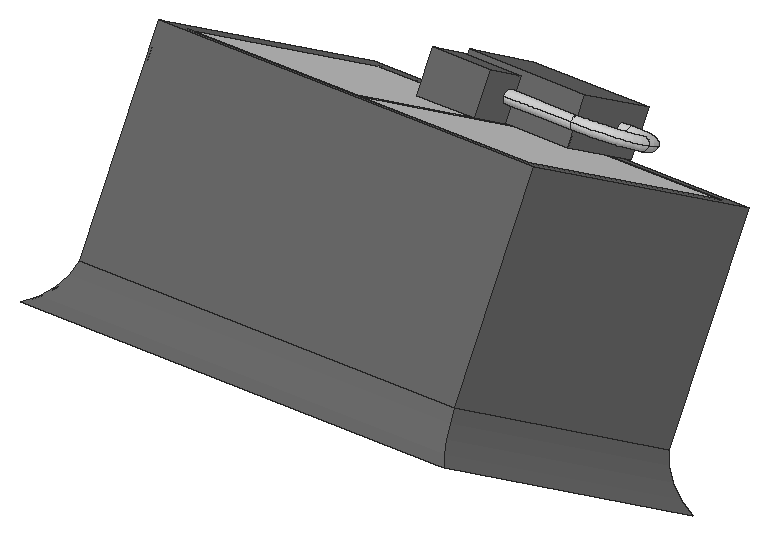
Revit family "Specialty_Equipment-Detroit_Radiant-Unit_Heater-DR_Series-bk1", category Specialty Equipment, Revit 2023
Family settings
  Round Connector Dimension = Use Diameter
  Part Type = Normal
  OmniClass Number = 23.75.00.00
  OmniClass Title = Climate Control (HVAC)
  Work Plane-Based = Yes
  Enable Cutting in Views = No
  Always vertical = Yes
  Cut with Voids When Loaded = No
  Maintain Annotation Orientation = No
  Shared = No
  Room Calculation Point = No
Parameters (values of type "DR-95")
  URL = "https://www.reverberray.com/"
  Default Elevation = 0"  # constant formula
  CD_Requested Heater Angle = 30.00°
  CD_Heater Type = Specialty_Equipment-Detroit_Radiant-Unit_Heater-DR_Series_Nested : DR-95
  CD_Heater Angle Calc = if(or(CD_Requested Heater Angle > CD_Angle Max, CD_Requested Heater Angle = CD_Angle Max), CD_Angle Max, if(or(CD_Requested Heater Angle < CD_Angle Min, CD_Requested Heater Angle = CD_Angle Min), CD_Angle Min, CD_Requested Heater Angle))  # 30.00°
  CD_Angle Min = 20.00°  # constant formula
  CD_Angle Max = 35.00°  # constant formula
  Type Comments = ""
  Model = "DR-95"
  Manufacturer = "Detroit Radiant Products Company"  # constant formula
  Description = "High-Intensity, Gas-Fired, Infared Heaters"  # constant formula
  CD_Unit Size = "Description of Product Sizing, set with equation if possible"
  CD_Product Page URL = "https://www.reverberray.com/products/commercial-industrial/high-intensity-luminous/dr-series/"
  CD_Product Name = "High-Intensity, Gas-Fired, Infared Heaters"  # constant formula
  CD_Product Documentation Link = "https://www.reverberray.com/wp-content/uploads/2021/09/LSDR_DR-Submittal-New_9-21.pdf"
  CD_Microsite = "https://www.caddetails.com/"
  CD_Install Documentation = "https://www.reverberray.com/wp-content/uploads/2016/05/liodr_r23014.pdf"
  CD_Gas Connector = "95,000 BTU"
  CD_Finish Component = Metal-Steel-Detroit_Radiant-Stainless
  CD_Finish = Metal-Steel-Detroit_Radiant-Coated_Aluminized_Steel
  CD_Created By = "CADdetails Ltd. 2024"  # constant formula
  Assembly Code = "D3020"
Types (15): name | CD_Heater Type | Model | CD_Gas Connector
  (no name) | Specialty_Equipment-Detroit_Radiant-Unit_Heater-DR_Series_Nested : DR-95 | "DR-95" | "95,000 BTU"
  DR-30 | Specialty_Equipment-Detroit_Radiant-Unit_Heater-DR_Series_Nested : DR-30 | "DR-30" | "30,000 BTU"
  DR-30(S) | Specialty_Equipment-Detroit_Radiant-Unit_Heater-DR_Series_Nested : DR-30(S) | "DR-30(S)" | "30,000 BTU"
  DR-45 | Specialty_Equipment-Detroit_Radiant-Unit_Heater-DR_Series_Nested : DR-45 | "DR-45" | "45,000 BTU"
  DR-50 | Specialty_Equipment-Detroit_Radiant-Unit_Heater-DR_Series_Nested : DR-50 | "DR-50" | "50,000 BTU"
  DR-55 | Specialty_Equipment-Detroit_Radiant-Unit_Heater-DR_Series_Nested : DR-55 | "DR-55" | "55,000 BTU"
  DR-60 | Specialty_Equipment-Detroit_Radiant-Unit_Heater-DR_Series_Nested : DR-60 | "DR-60" | "60,000 BTU"
  DR-75 | Specialty_Equipment-Detroit_Radiant-Unit_Heater-DR_Series_Nested : DR-75 | "DR-75" | "75,000 BTU"
  DR-80 | Specialty_Equipment-Detroit_Radiant-Unit_Heater-DR_Series_Nested : DR-80 | "DR-80" | "80,000 BTU"
  DR-85 | Specialty_Equipment-Detroit_Radiant-Unit_Heater-DR_Series_Nested : DR-85 | "DR-85" | "85,000 BTU"
  DR-90 | Specialty_Equipment-Detroit_Radiant-Unit_Heater-DR_Series_Nested : DR-90 | "DR-90" | "90,000 BTU"
  DR-95 | Specialty_Equipment-Detroit_Radiant-Unit_Heater-DR_Series_Nested : DR-95 | "DR-95" | "95,000 BTU"
  DR-100 | Specialty_Equipment-Detroit_Radiant-Unit_Heater-DR_Series_Nested : DR-100 | "DR-100" | "100,000 BTU"
  DR-130 | Specialty_Equipment-Detroit_Radiant-Unit_Heater-DR_Series_Nested : DR-130 | "DR-130" | "130,000 BTU"
  DR-160 | Specialty_Equipment-Detroit_Radiant-Unit_Heater-DR_Series_Nested : DR-160 | "DR-160" | "160,000 BTU"
Reference planes (in)
  plane 1 "Center (Front/Back)": y = 0
  plane 2 "Bottom": z = 0
  plane 3 "Center (Left/Right)": x = 82
  plane 4: z = 92.27586
  plane 5 "Left": x = 62.75
  plane 6 "Right": x = 101.25
  plane 7: y = 82.57514
  plane 8: y = -82.57514
Lines and regions (in)
  reference lines
    curve 1: line (82, 0, 0) -> (82, -97.29371, 56.17255)
    curve 2: line (82, 0, 0) -> (82, 38.35158, 66.42688)
Dimensions and locks (in)
  plane 4 to plane 2 "Bottom" = 92.27586"
  equal spacing: plane 5 "Left", plane 3 "Center (Left/Right)", plane 6 "Right"
  plane 5 "Left" to plane 6 "Right" = 38.5"
  equal spacing: plane 8, plane 1 "Center (Front/Back)", plane 7
  plane 8 to plane 7 = 165.15028"
  "CD_Heater Angle Calc": angle level to curve 1
  "CD_Heater Angle Calc": angle plane 1 "Center (Front/Back)" to curve 2
  aligned and locked: level to plane 2 "Bottom"
  aligned and locked: plane 1 "Center (Front/Back)" to curve 1
  aligned and locked: level to curve 1
  aligned and locked: nested 1 to curve 1
  aligned and locked: nested 1 to curve 2  (x2)
Nested families (in)
  nested 1: "Specialty_Equipment-Detroit_Radiant-Unit_Heater-DR_Series_Nested" at (0, 0, 0) x (1, 0, 0) z (0, 0.5, 0.866), type <- "CD_Heater Type", CD_Finish <- "CD_Finish", CD_Finish Component <- "CD_Finish Component", CD_Gas Connector <- "CD_Gas Connector", type "DR-95"
Connectors (in)
  piping at (78.37, 1.33479, 18.28192), diameter 1, driven by "CD_Gas Connector"
    settings: on nested 1, index 2, connector inside diameter 24", connector length 0", flow factor 0, pipe flow 0 GPM, pressure drop 0.00 psi, fitting loss kfactor 0, connector angle 0.00°, fixture units 0, engagement length 0", angle of deflection 0.00°, flow configuration 0, flow direction 0, fitting loss method 0, system type 22, joint type 0, gender type 0, connector reference index -1, connector utility 0, adjustable connector no, is connector primary yes, connector description "95,000 BTU"
  piping at (78.37, 1.33479, 18.28192), diameter 1, driven by "CD_Gas Connector"
    settings: on nested 1, index 5, connector inside diameter 24", connector length 0", flow factor 0, pipe flow 0 GPM, pressure drop 0.00 psi, fitting loss kfactor 0, connector angle 0.00°, fixture units 0, engagement length 0", angle of deflection 0.00°, flow configuration 0, flow direction 0, fitting loss method 0, system type 22, joint type 0, gender type 0, connector reference index -1, connector utility 0, adjustable connector no, is connector primary no, connector description "95,000 BTU"
Definition of nested family "Specialty_Equipment-Detroit_Radiant-Unit_Heater-DR_Series_Nested"
  Parameters (values of type "DR-60")
    URL = "https://www.reverberray.com/"
    Default Elevation = 0"  # constant formula
    75_100 = no
    45_60 = yes
    30 = no
    Type Comments = ""
    Model = "DR-60"
    Manufacturer = "Detroit Radiant Products Company"  # constant formula
    Description = "High-Intensity, Gas-Fired, Infared Heaters"  # constant formula
    CD_Heater Width = if([30], 12.75", if([45_60], 19.13", if([75_100], 26.63", if([130], 32", if([160], 38.5", 0")))))  # 19.13"
    CD_Unit Size = "Description of Product Sizing, set with equation if possible"
    CD_Product Page URL = "https://www.reverberray.com/products/commercial-industrial/high-intensity-luminous/dr-series/"
    CD_Product Name = "High-Intensity, Gas-Fired, Infared Heaters"  # constant formula
    CD_Product Documentation Link = "https://www.reverberray.com/wp-content/uploads/2021/09/LSDR_DR-Submittal-New_9-21.pdf"
    CD_Microsite = "https://www.caddetails.com/"
    CD_Install Documentation = "https://www.reverberray.com/wp-content/uploads/2016/05/liodr_r23014.pdf"
    CD_Heater Height = 22.5"  # constant formula
    CD_Heater Depth = 15.25"  # constant formula
    CD_Gas Connector [instance] = "60,000 BTU"
    CD_Finish Component [instance] = none
    CD_Finish [instance] = none
    CD_Created By = "CADdetails Ltd. 2024"  # constant formula
    Assembly Code = "D3020"
    160 = no
    130 = no
  Types (14): name | 75_100 | 45_60 | 30 | Model | CD_Heater Width | CD_Gas Connector | 160 | 130
    DR-30 | no | no | yes | "DR-30" | 12.75" | "30,000 BTU" | no | no
    DR-30(S) | no | no | yes | "DR-30(S)" | 12.75" | "30,000 BTU" | no | no
    DR-45 | no | yes | no | "DR-45" | 19.13" | "45,000 BTU" | no | no
    DR-50 | no | yes | no | "DR-50" | 19.13" | "50,000 BTU" | no | no
    DR-55 | no | yes | no | "DR-55" | 19.13" | "55,000 BTU" | no | no
    DR-60 | no | yes | no | "DR-60" | 19.13" | "60,000 BTU" | no | no
    DR-75 | yes | no | no | "DR-75" | 26.63" | "75,000 BTU" | no | no
    DR-80 | yes | no | no | "DR-80" | 26.63" | "80,000 BTU" | no | no
    DR-85 | yes | no | no | "DR-85" | 26.63" | "85,000 BTU" | no | no
    DR-90 | yes | no | no | "DR-90" | 26.63" | "90,000 BTU" | no | no
    DR-95 | yes | no | no | "DR-95" | 26.63" | "95,000 BTU" | no | no
    DR-100 | yes | no | no | "DR-100" | 26.63" | "100,000 BTU" | no | no
    DR-130 | no | no | no | "DR-130" | 32" | "130,000 BTU" | no | yes
    DR-160 | no | no | no | "DR-160" | 38.5" | "160,000 BTU" | yes | no
  Reference planes (in)
    plane 1 "Front": y = 0
    plane 2 "Bottom": z = 0
    plane 3 "Center (Left/Right)": x = 82
    plane 4: z = 15.25
    plane 5 "Left": x = 72.435
    plane 6 "Right": x = 91.565
    plane 7: y = 0
    plane 8: y = -22.5
    plane 9 "Center": y = -11.25
    plane 10: y = -22.5
    plane 11 "Bottom Offset": y = -1.61
    plane 12 "Top Offset": y = -20.89
    plane 13 "Top": z = 15.25
    plane 14 "Front Box": z = 2.75
    plane 15 "Left Box": x = 74.045
    plane 16 "Right Box": x = 89.955
    plane 17 "Tube": z = 16.625
  Forms (in)
    Extrusion 1, solid, material <- "CD_Finish Component", detail levels medium+fine
      sketch origin (0, 0, 0) x (1, 0, 0) y (0, 1, 0)
        loop
          line (88.955, -19.89) -> (88.955, -2.61) -> (82.13, -2.61) -> (82.13, -19.89) -> (88.955, -19.89)
        loop
          line (75.045, -19.89) -> (81.87, -19.89) -> (81.87, -2.61) -> (75.045, -2.61) -> (75.045, -19.89)
      from 2.75 to 15.25
    Extrusion 2, solid, material <- "CD_Finish", detail levels medium+fine
      sketch origin (82, 0, 0) x (0, 0.866025, 0.5) y (0, -0.5, 0.866025)
        loop
          line (2.26863, 16.29939) -> (7.24828, 13.42439) -> (8.62328, 15.80596) -> (3.64363, 18.68096) -> (2.26863, 16.29939)
      from -3.63 to 3.63
    Extrusion 3, solid, material <- "CD_Finish", detail levels medium+fine
      sketch origin (82, 0, 0) x (0, 0.866025, 0.5) y (0, -0.5, 0.866025)
        loop
          line (1.90057, 16.51189) -> (3.15057, 18.67695) -> (0.769, 20.05195) -> (-0.481, 17.88689) -> (1.90057, 16.51189)
      from -3.63 to 0
    Sweep 4, solid, material <- "CD_Finish Component", detail levels fine
      path in 3D
        loop
          line (85.63, -2.185, 16.625) -> (86.255, -2.185, 16.625)
          arc (86.255, -2.185, 16.625) -> (88.02277, -2.91723, 16.625) -> (88.755, -4.685, 16.625) r 2.5
          arc (88.755, -4.685, 16.625) -> (88.02277, -6.45277, 16.625) -> (86.255, -7.185, 16.625) r 2.5
          line (86.255, -7.185, 16.625) -> (82, -7.185, 16.625)
      profile origin (84.1275, -7.185, 16.625) x (0, 0.866025, -0.5) y (0, -0.5, -0.866025)
        loop
          circle (0, 0) r 0.375
    Extrusion 5, solid, material <- "CD_Finish", detail levels coarse
      sketch origin (82, 0, 0) x (0, 0.866025, 0.5) y (0, -0.5, 0.866025)
        loop
          line (-18.09127, 10.445) -> (-1.3943, 0.805) -> (6.2307, 14.01189) -> (-10.46627, 23.65189) -> (-18.09127, 10.445)
      from -7.955 to 7.955
    Extrusion 6, solid, material <- "CD_Finish Component", detail levels medium+fine
      sketch origin (82, 0, 0) x (0, 0.866025, 0.5) y (0, -0.5, 0.866025)
        loop
          line (-3.17163, 5.00657) -> (-2.79663, 5.65609) -> (-4.9617, 6.90609) -> (-5.3367, 6.25657) -> (-3.17163, 5.00657)
      from 7.955 to 7.0175
    Sweep 7, solid, material <- "CD_Finish", detail levels medium+fine
      path in 3D
        loop
          line (91.565, 0, 0) -> (91.565, -22.5, 0) -> (72.435, -22.5, 0) -> (72.435, 0, 0) -> (91.565, 0, 0)
      profile origin (82, 0, 0) x (0, 1, 0) y (0, 0, 1)
        loop
          line (-1.5475, 2.75) -> (-1.5475, 15.25) -> (-2.5475, 15.25) -> (-2.5475, 15.1875) -> (-1.61, 15.1875) -> (-1.61, 2.76531)
          arc (-1.61, 2.76531) -> (-1.1143, 1.2391) -> (-0.09466, 0) r 4.31
          line (-0.09466, 0) -> (0, 0)
          arc (0, 0) -> (-1.03843, 1.22606) -> (-1.5475, 2.75) r 4.25
  Lines and regions (in)
    reference lines
      curve 1: line (72.435, 0, 0) -> (91.565, 0, 0)
      curve 2: line (72.435, -22.5, 0) -> (72.435, 0, 0)
      curve 3: line (91.565, -22.5, 0) -> (72.435, -22.5, 0)
      curve 4: line (91.565, 0, 0) -> (91.565, -22.5, 0)
    sketch lines
      curve 5: line (86.255, -7.185, 16.625) -> (82, -7.185, 16.625)
      curve 6: line (85.63, -2.185, 16.625) -> (86.255, -2.185, 16.625)
      curve 7: arc (86.255, -7.185, 16.625) -> (88.02277, -6.45277, 16.625) -> (88.755, -4.685, 16.625) r 2.5
      curve 8: arc (86.255, -2.185, 16.625) -> (88.02277, -2.91723, 16.625) -> (88.755, -4.685, 16.625) r 2.5
      curve 9: line (72.435, 0, 0) -> (91.565, 0, 0)
      curve 10: line (72.435, -22.5, 0) -> (72.435, 0, 0)
      curve 11: line (91.565, -22.5, 0) -> (72.435, -22.5, 0)
      curve 12: line (91.565, 0, 0) -> (91.565, -22.5, 0)
  Dimensions and locks (in)
    equal spacing: plane 5 "Left", plane 3 "Center (Left/Right)", plane 6 "Right"
    "CD_Heater Width": plane 5 "Left" to plane 6 "Right"
    plane 10 to plane 9 "Center" to plane 1 "Front" = 11.25", 11.25"
    locked: plane 10 to plane 12 "Top Offset" at 1.61
    locked: plane 11 "Bottom Offset" to Extrusion 2 sketch curve at 1.175
    Extrusion 2 sketch curve to Extrusion 2 sketch curve = 5.75"
    locked: plane 13 "Top" to Extrusion 2 sketch curve at 2.75
    Extrusion 2 to plane 3 "Center (Left/Right)" to Extrusion 2 = 3.63" locked, 3.63" locked
    plane 11 "Bottom Offset" to Extrusion 3 sketch curve to Extrusion 3 sketch curve = 5" locked, 2.75" locked
    locked: plane 13 "Top" to Extrusion 3 sketch curve at 2.5
    locked: Extrusion 3 to plane 3 "Center (Left/Right)" at 3.63
    locked: plane 13 "Top" to plane 17 "Tube" at 1.375
    Extrusion 1 sketch curve to plane 3 "Center (Left/Right)" to Extrusion 1 sketch curve = 0.13" locked, 0.13" locked
    locked: plane 14 "Front Box" to Extrusion 6 sketch curve at 0.75
    locked: Extrusion 6 sketch curve to Extrusion 6 sketch curve at 2.5
    locked: plane 15 "Left Box" to Extrusion 1 sketch curve at 1
    locked: Extrusion 1 sketch curve to plane 16 "Right Box" at 1
    locked: plane 12 "Top Offset" to Extrusion 1 sketch curve at 1  (x2)
    locked: Extrusion 1 sketch curve to plane 11 "Bottom Offset" at 1  (x2)
    locked: Sweep 7 sketch curve to plane 13 "Top" at 0.0625
    Sweep 7 sketch curve to plane 11 "Bottom Offset" to Sweep 7 sketch curve = 0.9375" locked, 0.0625" locked
    locked: Sweep 7 sketch curve to profile plane at 0.09466
    locked: plane 11 "Bottom Offset" to plane 1 "Front" at 1.61
    "CD_Heater Height": plane 10 to plane 1 "Front"
    locked: level to plane 14 "Front Box" at 2.75
    locked: plane 5 "Left" to plane 15 "Left Box" at 1.61
    locked: plane 16 "Right Box" to plane 6 "Right" at 1.61
    "CD_Heater Depth": level to plane 13 "Top"
    aligned and locked: level to plane 2 "Bottom"
    aligned and locked: plane 14 "Front Box" to Extrusion 1
    aligned and locked: Extrusion 1 to plane 13 "Top"
    aligned and locked: Extrusion 3 sketch curve to plane 13 "Top"
    aligned and locked: plane 3 "Center (Left/Right)" to Extrusion 3
    aligned and locked: plane 12 "Top Offset" to Extrusion 5 sketch curve
    aligned and locked: Extrusion 5 sketch curve to plane 13 "Top"
    aligned and locked: Extrusion 5 sketch curve to plane 11 "Bottom Offset"
    aligned and locked: Extrusion 5 to plane 15 "Left Box"
    aligned and locked: plane 16 "Right Box" to Extrusion 5
    aligned and locked: plane 14 "Front Box" to Extrusion 6 sketch curve
    aligned and locked: plane 2 "Bottom" to curve 4
    aligned and locked: profile plane to Sweep 7 sketch curve  (x2)
    aligned and locked: Sweep 7 sketch curve to plane 13 "Top"
    aligned and locked: Sweep 7 sketch curve to plane 11 "Bottom Offset"
    aligned and locked: plane 14 "Front Box" to Sweep 7 sketch curve
    aligned and locked: plane 16 "Right Box" to Extrusion 6
    aligned and locked: Sweep 7 to Extrusion 6
    aligned and locked: plane 8 to plane 10
    aligned and locked: plane 7 to plane 1 "Front"
    aligned and locked: plane 4 to plane 13 "Top"
  Automatic sketch dimensions
    curve 3 to plane 5 "Left" = 0"
    curve 3 to plane 6 "Right" = 0"
    plane 10 to curve 3 = 0"
    plane 1 "Front" to curve 2 = 0"
    plane 13 "Top" to Extrusion 2 sketch curve = 0"
    Sweep 4 sketch curve to profile plane = 0"
    profile plane to Sweep 4 sketch curve = 0"
    Sweep 7 sketch curve to Sweep 7 sketch curve = 0"  (x2)
    Sweep 7 sketch curve to profile plane = 2.6654"
    Extrusion 5 sketch curve to level = 0"
    radius of Sweep 4 sketch curve = 0.375"
  Connectors (in)
    piping at (78.37, -7.985, 16.5), diameter 1, driven by "CD_Gas Connector"
      settings: on Extrusion 3, index 2, connector inside diameter 24", connector length 0", flow factor 0, pipe flow 0 GPM, pressure drop 0.00 psi, fitting loss kfactor 0, connector angle 0.00°, fixture units 0, engagement length 0", angle of deflection 0.00°, flow configuration 0, flow direction 0, fitting loss method 0, system type 22, joint type 0, gender type 0, connector reference index -1, connector utility 0, adjustable connector no, is connector primary yes, connector description "60,000 BTU"
    piping at (78.37, -7.985, 16.5), diameter 1, driven by "CD_Gas Connector"
      settings: on Extrusion 3, index 5, connector inside diameter 24", connector length 0", flow factor 0, pipe flow 0 GPM, pressure drop 0.00 psi, fitting loss kfactor 0, connector angle 0.00°, fixture units 0, engagement length 0", angle of deflection 0.00°, flow configuration 0, flow direction 0, fitting loss method 0, system type 22, joint type 0, gender type 0, connector reference index -1, connector utility 0, adjustable connector no, is connector primary no, connector description "60,000 BTU"
